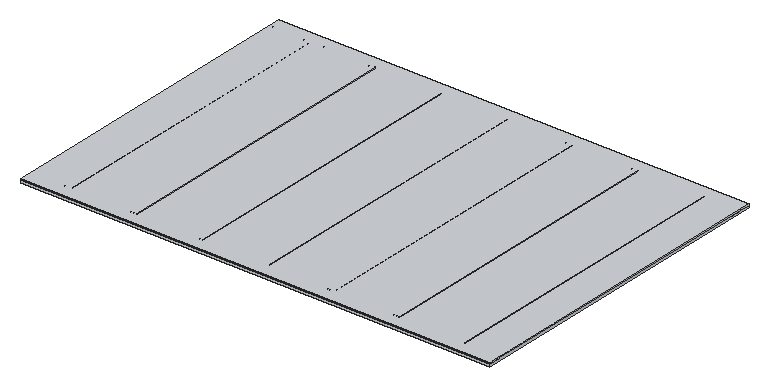
Revit family "GIS_BuildingRoof_Control", category Modelos genéricos, Revit 2027
Family settings
  Pode hospedar o vergalhão = Não
  Cota do conector redondo = Utilizar diâmetro
  Tipo de parte = Normal
  Com base no plano de trabalho = Não
  Sempre na vertical = Sim
  Corte com vazios quando carregada = Não
  Manter orientação da anotação = Não
  Compartilhado = Não
  Ponto de cálculo do ambiente = Não
Parameters (values of type "ROOF_CONTROL_22M_EST")
  Elevação padrão = 0 mm
  BIM_TensaoSecundaria_kV = 0
  BIM_TensaoNominal_kV = 0
  BIM_TensaoClasse_kV = 0
  BIM_TensaoClasseSecundaria_kV = 0
  BIM_TensaoAuxiliarCA_kV = 0
  BIM_Sistema_Elemento [instance] = ""
  BIM_ReferenciaCatalogo = "Portfolio estimate; structural design, HVAC and weatherproofing pending"
  BIM_Profundidade = 15600 mm
  BIM_Potencia_MVA = 0
  BIM_Localizacao [instance] = ""
  BIM_Largura = 22600 mm
  BIM_Impedancia_pu = 0
  BIM_FonteGeometria = "Portfolio estimate; structural design, HVAC and weatherproofing pending"
  BIM_Fabricante = "NAO SELECIONADO"
  BIM_EstadoGeometria = "ESTIMATED"
  BIM_EstadoEspecificacao = "PREMISSA / NAO SELECIONADO"
  BIM_DescricaoEstudo = "Cobertura conceitual para casa de controle; estrutura, cargas, ventilacao e impermeabilizacao pendentes."
  BIM_CorrenteReferenciaSecundaria_A = 0
  BIM_CorrenteNominal_A = 0
  BIM_Bay [instance] = ""
  BIM_AlturaCorpoPrincipal = 180 mm
  BIM_Altura = 180 mm
Reference planes
  plane 1 "Centro (Frente/Trás)": y = 0
  plane 2: z = 0
  plane 3 "Centro (Esquerda/Direita)": x = 0
  plane 4 "BIM Left": x = -11300
  plane 5 "BIM Right": x = 11300
  plane 6 "BIM Front": y = -7800
  plane 7 "BIM Back": y = 7800
Forms (mm)
  Extrusion 1, solid
    sketch origin (0, 0, 0) x (1, 0, 0) y (0, 1, 0)
      loop
        line (-11300, -7800) -> (11300, -7800) -> (11300, 7800) -> (-11300, 7800) -> (-11300, -7800)
    from 0 to 180 <- "BIM_AlturaCorpoPrincipal"
  Extrusion 2, solid
    sketch origin (0, 0, 14.4) x (1, 0, 0) y (0, 1, 0)
      loop
        line (-11300, -7800) -> (11300, -7800) -> (11300, 7800) -> (-11300, 7800) -> (-11300, -7800)
    from 0 to 93.6
  Extrusion 3, solid
    sketch origin (0, 0, 108) x (1, 0, 0) y (0, 1, 0)
      loop
        line (-9632.4, -7176) -> (-9351.6, -7176) -> (-9351.6, 7176) -> (-9632.4, 7176) -> (-9632.4, -7176)
    from 0 to 61.2
  Extrusion 4, solid
    sketch origin (0, 0, 108) x (1, 0, 0) y (0, 1, 0)
      loop
        line (-6468.4, -7176) -> (-6187.6, -7176) -> (-6187.6, 7176) -> (-6468.4, 7176) -> (-6468.4, -7176)
    from 0 to 61.2
  Extrusion 5, solid
    sketch origin (0, 0, 108) x (1, 0, 0) y (0, 1, 0)
      loop
        line (-3304.4, -7176) -> (-3023.6, -7176) -> (-3023.6, 7176) -> (-3304.4, 7176) -> (-3304.4, -7176)
    from 0 to 61.2
  Extrusion 6, solid
    sketch origin (0, 0, 108) x (1, 0, 0) y (0, 1, 0)
      loop
        line (-140.4, -7176) -> (140.4, -7176) -> (140.4, 7176) -> (-140.4, 7176) -> (-140.4, -7176)
    from 0 to 61.2
  Extrusion 7, solid
    sketch origin (0, 0, 108) x (1, 0, 0) y (0, 1, 0)
      loop
        line (3023.6, -7176) -> (3304.4, -7176) -> (3304.4, 7176) -> (3023.6, 7176) -> (3023.6, -7176)
    from 0 to 61.2
  Extrusion 8, solid
    sketch origin (0, 0, 108) x (1, 0, 0) y (0, 1, 0)
      loop
        line (6187.6, -7176) -> (6468.4, -7176) -> (6468.4, 7176) -> (6187.6, 7176) -> (6187.6, -7176)
    from 0 to 61.2
  Extrusion 9, solid
    sketch origin (0, 0, 108) x (1, 0, 0) y (0, 1, 0)
      loop
        line (9351.6, -7176) -> (9632.4, -7176) -> (9632.4, 7176) -> (9351.6, 7176) -> (9351.6, -7176)
    from 0 to 61.2
  Extrusion 10, solid
    sketch origin (0, 0, 108) x (1, 0, 0) y (0, 1, 0)
      loop
        line (-11300, -7800) -> (11300, -7800) -> (11300, -7254) -> (-11300, -7254) -> (-11300, -7800)
    from 0 to 61.2
  Extrusion 11, solid
    sketch origin (0, 0, 108) x (1, 0, 0) y (0, 1, 0)
      loop
        line (-11300, 7254) -> (11300, 7254) -> (11300, 7800) -> (-11300, 7800) -> (-11300, 7254)
    from 0 to 61.2
Dimensions and locks
  "BIM_Largura": plane 4 "BIM Left" to plane 5 "BIM Right"
  "BIM_Profundidade": plane 6 "BIM Front" to plane 7 "BIM Back"
  aligned and locked: level to plane 2
  aligned and locked: plane 4 "BIM Left" to Extrusion 1
  aligned and locked: Extrusion 1 to plane 5 "BIM Right"
  aligned and locked: Extrusion 1 to plane 6 "BIM Front"
  aligned and locked: plane 7 "BIM Back" to Extrusion 1
Automatic sketch dimensions
  Extrusion 1 sketch curve to plane 4 "BIM Left" = 0 mm
  Extrusion 1 sketch curve to plane 5 "BIM Right" = 0 mm
  Extrusion 1 sketch curve to plane 6 "BIM Front" = 0 mm
  Extrusion 1 sketch curve to plane 7 "BIM Back" = 0 mm
  Extrusion 2 sketch curve to plane 4 "BIM Left" = 0 mm
  Extrusion 2 sketch curve to plane 5 "BIM Right" = 0 mm
  Extrusion 2 sketch curve to plane 6 "BIM Front" = 0 mm
  Extrusion 2 sketch curve to plane 7 "BIM Back" = 0 mm
  plane 6 "BIM Front" to Extrusion 3 sketch curve = 624 mm
  Extrusion 3 sketch curve to plane 4 "BIM Left" = 1667.6 mm
  Extrusion 3 sketch curve to Extrusion 3 sketch curve = 280.8 mm
  Extrusion 3 sketch curve to plane 7 "BIM Back" = 624 mm
  plane 6 "BIM Front" to Extrusion 4 sketch curve = 624 mm
  Extrusion 4 sketch curve to plane 4 "BIM Left" = 4831.6 mm
  Extrusion 4 sketch curve to Extrusion 4 sketch curve = 280.8 mm
  Extrusion 4 sketch curve to plane 7 "BIM Back" = 624 mm
  plane 6 "BIM Front" to Extrusion 5 sketch curve = 624 mm
  Extrusion 5 sketch curve to plane 3 "Centro (Esquerda/Direita)" = 3304.4 mm
  Extrusion 5 sketch curve to Extrusion 5 sketch curve = 280.8 mm
  Extrusion 5 sketch curve to plane 7 "BIM Back" = 624 mm
  Extrusion 6 sketch curve to plane 3 "Centro (Esquerda/Direita)" = 140.4 mm
  plane 3 "Centro (Esquerda/Direita)" to Extrusion 6 sketch curve = 140.4 mm
  plane 6 "BIM Front" to Extrusion 6 sketch curve = 624 mm
  Extrusion 6 sketch curve to plane 7 "BIM Back" = 624 mm
  plane 6 "BIM Front" to Extrusion 7 sketch curve = 624 mm
  plane 3 "Centro (Esquerda/Direita)" to Extrusion 7 sketch curve = 3023.6 mm
  Extrusion 7 sketch curve to Extrusion 7 sketch curve = 280.8 mm
  Extrusion 7 sketch curve to plane 7 "BIM Back" = 624 mm
  plane 6 "BIM Front" to Extrusion 8 sketch curve = 624 mm
  plane 5 "BIM Right" to Extrusion 8 sketch curve = 5112.4 mm
  Extrusion 8 sketch curve to Extrusion 8 sketch curve = 280.8 mm
  Extrusion 8 sketch curve to plane 7 "BIM Back" = 624 mm
  plane 6 "BIM Front" to Extrusion 9 sketch curve = 624 mm
  plane 5 "BIM Right" to Extrusion 9 sketch curve = 1948.4 mm
  Extrusion 9 sketch curve to Extrusion 9 sketch curve = 280.8 mm
  Extrusion 9 sketch curve to plane 7 "BIM Back" = 624 mm
  Extrusion 10 sketch curve to plane 4 "BIM Left" = 0 mm
  Extrusion 10 sketch curve to plane 5 "BIM Right" = 0 mm
  Extrusion 10 sketch curve to plane 6 "BIM Front" = 0 mm
  plane 6 "BIM Front" to Extrusion 10 sketch curve = 546 mm
  Extrusion 11 sketch curve to plane 4 "BIM Left" = 0 mm
  Extrusion 11 sketch curve to plane 5 "BIM Right" = 0 mm
  Extrusion 11 sketch curve to plane 7 "BIM Back" = 0 mm
  Extrusion 11 sketch curve to Extrusion 11 sketch curve = 546 mm
